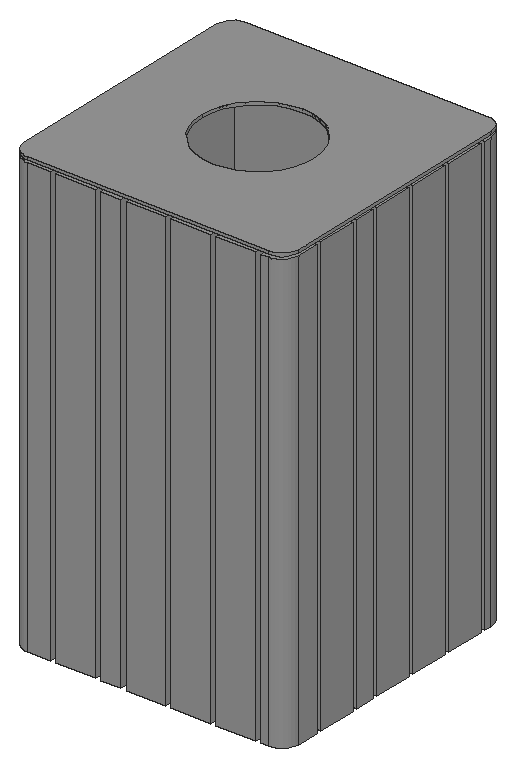
Revit family "Урна «Стиль» Арт 14043", category Антураж, Revit 2018
Family settings
  На основе рабочей плоскости = Нет
  Всегда вертикально = Да
  При загрузке вырезать с полостями = Нет
  Источник визуального образа = Геометрия семейства
  Общий = Нет
  Точка расчета площади = Нет
Parameters (values of type "Урна «Стиль»")
  Ширина = 488 mm  # constant formula
  Цвет урны = Сталь
  Цвет отделки = Дерево
  Описание = "Урна «Стиль»"  # constant formula
  Материал изделия = "Сталь, дерево"  # constant formula
  Изображение типоразмера = Урна «Стиль» Арт 14043.jpg
  Изготовитель = "ООО «Хоббика»"  # constant formula
  Длина = 488 mm  # constant formula
  Группа модели = "Уличные урны"  # constant formula
  Высота = 790 mm  # constant formula
  Артикул товара = "Арт. 14043"  # constant formula
  URL = "https://hobbyka.ru/product/urna_stil/"
Reference planes
  plane 1 "По центру (Вперед/Назад)": y = 0
  plane 2: z = 0
  plane 3 "По центру (Влево/Вправо)": x = 0
  plane 4: y = 488
  plane 5: x = 488
  plane 6: z = 790
Forms (mm)
  Extrusion 1, solid, material "Дерево" <- "Цвет отделки"
    sketch origin (0, 0, 0) x (1, 0, 0) y (0, 1, 0)
      loop
        arc (30, 488) -> (8.787, 479.213) -> (0, 458) r 30
        line (0, 458) -> (0, 418) -> (20, 418) -> (20, 458)
        arc (20, 458) -> (22.929, 465.071) -> (30, 468) r 10
        line (30, 468) -> (43, 468) -> (43, 488) -> (30, 488)
      loop
        arc (0, 30) -> (8.787, 8.787) -> (30, 0) r 30
        line (30, 0) -> (70, 0) -> (70, 20) -> (30, 20)
        arc (30, 20) -> (22.929, 22.929) -> (20, 30) r 10
        line (20, 30) -> (20, 43) -> (0, 43) -> (0, 30)
      loop
        arc (458, 0) -> (479.213, 8.787) -> (488, 30) r 30
        line (488, 30) -> (488, 70) -> (468, 70) -> (468, 30)
        arc (468, 30) -> (465.071, 22.929) -> (458, 20) r 10
        line (458, 20) -> (445, 20) -> (445, 0) -> (458, 0)
      loop
        arc (488, 458) -> (479.213, 479.213) -> (458, 488) r 30
        line (458, 488) -> (418, 488) -> (418, 468) -> (458, 468)
        arc (458, 468) -> (465.071, 465.071) -> (468, 458) r 10
        line (468, 458) -> (468, 445) -> (488, 445) -> (488, 458)
      loop
        line (53, 468) -> (123, 468) -> (123, 488) -> (53, 488) -> (53, 468)
      loop
        line (133, 468) -> (203, 468) -> (203, 488) -> (133, 488) -> (133, 468)
      loop
        line (213, 468) -> (283, 468) -> (283, 488) -> (213, 488) -> (213, 468)
      loop
        line (293, 468) -> (328, 468) -> (328, 488) -> (293, 488) -> (293, 468)
      loop
        line (338, 468) -> (408, 468) -> (408, 488) -> (338, 488) -> (338, 468)
      loop
        line (468, 435) -> (468, 365) -> (488, 365) -> (488, 435) -> (468, 435)
      loop
        line (468, 355) -> (468, 285) -> (488, 285) -> (488, 355) -> (468, 355)
      loop
        line (468, 275) -> (468, 205) -> (488, 205) -> (488, 275) -> (468, 275)
      loop
        line (468, 195) -> (468, 160) -> (488, 160) -> (488, 195) -> (468, 195)
      loop
        line (468, 150) -> (468, 80) -> (488, 80) -> (488, 150) -> (468, 150)
      loop
        line (435, 20) -> (365, 20) -> (365, 0) -> (435, 0) -> (435, 20)
      loop
        line (355, 20) -> (285, 20) -> (285, 0) -> (355, 0) -> (355, 20)
      loop
        line (275, 20) -> (205, 20) -> (205, 0) -> (275, 0) -> (275, 20)
      loop
        line (195, 20) -> (160, 20) -> (160, 0) -> (195, 0) -> (195, 20)
      loop
        line (150, 20) -> (80, 20) -> (80, 0) -> (150, 0) -> (150, 20)
      loop
        line (20, 53) -> (20, 123) -> (0, 123) -> (0, 53) -> (20, 53)
      loop
        line (20, 133) -> (20, 203) -> (0, 203) -> (0, 133) -> (20, 133)
      loop
        line (20, 213) -> (20, 283) -> (0, 283) -> (0, 213) -> (20, 213)
      loop
        line (20, 293) -> (20, 328) -> (0, 328) -> (0, 293) -> (20, 293)
      loop
        line (20, 338) -> (20, 408) -> (0, 408) -> (0, 338) -> (20, 338)
    from 0 to 780
  Extrusion 2, solid, material "Сталь" <- "Цвет урны"
    sketch origin (0, 0, 0) x (1, 0, 0) y (0, 1, 0)
      loop
        line (25, 463) -> (25, 25) -> (463, 25) -> (463, 463) -> (25, 463)
    from 0 to 785
  Extrusion 3, void
    sketch origin (0, 0, 0) x (1, 0, 0) y (0, 1, 0)
      loop
        line (27, 461) -> (27, 27) -> (461, 27) -> (461, 461) -> (27, 461)
    from 2 to 785
  Extrusion 4, solid, material "Сталь" <- "Цвет урны"
    sketch origin (0, 0, 0) x (1, 0, 0) y (0, 1, 0)
      loop
        arc (30, 488) -> (8.787, 479.213) -> (0, 458) r 30
        line (0, 458) -> (0, 30)
        arc (0, 30) -> (8.787, 8.787) -> (30, 0) r 30
        line (30, 0) -> (458, 0)
        arc (458, 0) -> (479.213, 8.787) -> (488, 30) r 30
        line (488, 30) -> (488, 458)
        arc (488, 458) -> (479.213, 479.213) -> (458, 488) r 30
        line (458, 488) -> (30, 488)
      loop
        circle (244, 244) r 100
    from 785 to 790
Cuts and joins
  Extrusion 3 cuts Extrusion 2
Dimensions and locks
  "Длина": plane 5 to plane 3 "По центру (Влево/Вправо)"
  "Ширина": plane 4 to plane 1 "По центру (Вперед/Назад)"
  "Высота": plane 6 to plane 2
  aligned and locked: level to plane 2
Automatic sketch dimensions
  Extrusion 1 sketch curve to Extrusion 1 sketch curve = 0 mm  (x43)
  Extrusion 1 sketch curve to plane 4 = 0 mm
  plane 1 "По центру (Вперед/Назад)" to Extrusion 1 sketch curve = 0 mm  (x6)
  Extrusion 1 sketch curve to Extrusion 1 sketch curve = 10 mm  (x29)
  Extrusion 1 sketch curve to Extrusion 1 sketch curve = 13 mm  (x3)
  Extrusion 1 sketch curve to Extrusion 1 sketch curve = 70 mm  (x12)
  Extrusion 1 sketch curve to Extrusion 1 sketch curve = 35 mm  (x4)
  Extrusion 1 sketch curve to Extrusion 1 sketch curve = 50 mm  (x4)
  plane 5 to Extrusion 1 sketch curve = 0 mm
  Extrusion 1 sketch curve to plane 4 = 20 mm
  Extrusion 1 sketch curve to plane 3 "По центру (Влево/Вправо)" = 0 mm  (x4)
  Extrusion 1 sketch curve to Extrusion 1 sketch curve = 23 mm
  Extrusion 1 sketch curve to plane 5 = 0 mm  (x3)
  Extrusion 2 sketch curve to plane 1 "По центру (Вперед/Назад)" = 25 mm
  plane 3 "По центру (Влево/Вправо)" to Extrusion 2 sketch curve = 25 mm
  Extrusion 2 sketch curve to plane 5 = 25 mm
  Extrusion 2 sketch curve to plane 4 = 25 mm
  plane 3 "По центру (Влево/Вправо)" to Extrusion 3 sketch curve = 27 mm
  Extrusion 3 sketch curve to plane 5 = 27 mm
  Extrusion 3 sketch curve to plane 1 "По центру (Вперед/Назад)" = 27 mm
  Extrusion 3 sketch curve to plane 4 = 27 mm
  Extrusion 4 sketch curve to plane 3 "По центру (Влево/Вправо)" = 0 mm
  Extrusion 4 sketch curve to plane 4 = 0 mm
  plane 1 "По центру (Вперед/Назад)" to Extrusion 4 sketch curve = 0 mm
  Extrusion 4 sketch curve to plane 5 = 0 mm
  plane 3 "По центру (Влево/Вправо)" to Extrusion 4 sketch curve = 30 mm
  Extrusion 4 sketch curve to Extrusion 4 sketch curve = 30 mm  (x2)
  plane 3 "По центру (Влево/Вправо)" to Extrusion 4 sketch curve = 244 mm
  Extrusion 4 sketch curve to plane 5 = 30 mm
  Extrusion 4 sketch curve to plane 1 "По центру (Вперед/Назад)" = 244 mm
  radius of Extrusion 4 sketch curve = 100 mm
